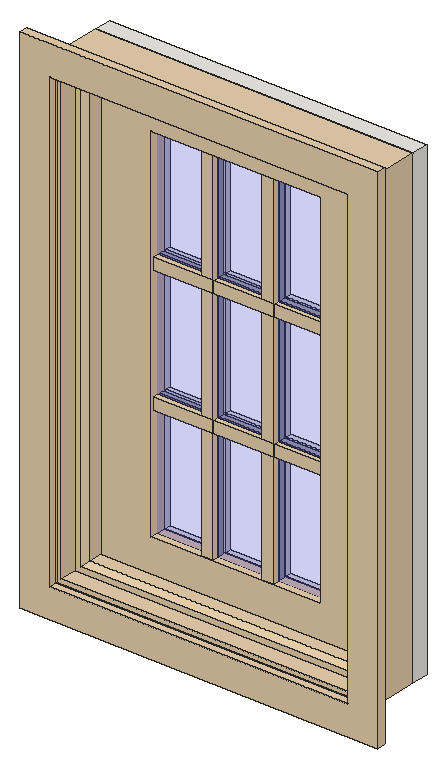
Revit family "Window-Door_Transom-Andersen-400_Series-Single 2", category Windows, host Wall, Revit 2013
Parameters
  Visual Light Transmittance = 0.22  # constant formula
  Thermal Resistance (R) = 0.58703  # 3.3333 (h·ft²·°F)/BTU
  TFL = if(Fractional Lights High > 5, 3, if(or(Fractional Lights High = 4, Fractional Lights High = 5), 2, if(or(Fractional Lights High = 2, Fractional Lights High = 3), 1, 1)))  # 1
  TFB = TFL - 1  # 0
  Solar Heat Gain Coefficient = 0.15  # constant formula
  Sill MO Offset = if(Enter Exterior Trim Number > 0, 0' 1 15/16" + Masonry Opening Offset, 0' 0 1/4")  # 0' - 0 1/4"
  Learn About These Parameters = "http://www.andersenwindows.com/for-professionals/cad-symbols-bim-support-window-doors/bim-support"
  LWide = if(Enter Pattern Number = 3, 3, if(or(Enter Pattern Number = 1, Enter Pattern Number = 2), . . Lights Wide, Fractional Lights Wide))  # 3
  Interior Material = Wood - Andersen - Pine
  Interior Grille Bar = yes
  Heat Transfer Coefficient (U) = 1.7035  # 0.3000 BTU/(h·ft²·°F)
  Head MO Offset = if(Enter Exterior Trim Number > 0, casing4 + Masonry Opening Offset, 0' 0 1/4")  # 0' - 0 1/4"
  Glazing Material = Glass ‐ Andersen - Low-E4 SmartSun
  Fractional Lights Wide = 3
  Fractional Lights High = 3
  Exterior Unit Finish = Vinyl - Andersen - White
  Exterior Grille Bar = yes
  Analytic Construction = "<None>"
  Available Grille Bar Sizes = "3/4'', 7/8'', 1 1/8'', 2 1/4''"  # constant formula
  Between Glass Grille Bar Sizes = "3/4'', 1''"  # constant formula
  Interior Casing = yes
  Grille Bar Size = 0' - 0 7/8"
  Enter Pattern Number = 1
  ..Pattern Number 1 = "Colonial"  # constant formula
  ..Pattern Number 2 = "Modified Colonial"  # constant formula
  . . Lights Wide = 3
  . . Lights High = 3
  ..Pattern Number 3 = "Prairie"  # constant formula
  ..Pattern Number 4 = "Short Fractional"  # constant formula
  ..Pattern Number 5 = "Tall Fractional"  # constant formula
  Extension Jamb = yes
  Enter Exterior Trim Number = 0
  ..Exterior Trim Number 0 = "No Exterior Trim"  # constant formula
  ..Exterior Trim Number 1 = "Brick Mould"  # constant formula
  ..Exterior Trim Number 2 = "3 1/2'' Flat Casing"  # constant formula
  ..Exterior Trim Number 3 = "4 1/2'' Flat Casing"  # constant formula
  Between Glass Grille Bar = yes
  xjamb Visibility [instance] = and(Extension Jamb, and(Wall Depth > 0' 4 1/2", Extension Jamb))  # yes
  xjamb S1 [instance] = if(Wall Depth > 0' 1 7/8", Wall Depth - 0' 4 1/2", 0' 3")  # 0' - 0 1/16"
  sill nose1 = 0' - 1 13/16"  # constant formula
  sill nose 2 = 0' - 1 15/16"  # constant formula
  casingS2 = if(Enter Exterior Trim Number = 1, 0' 0 3/16", 0' 0 3/16")  # 0' - 0 3/16"
  casingS1 = if(Enter Exterior Trim Number = 1, 0' 0 7/16", 0' 0 3/16")  # 0' - 0 3/16"
  casing4 = if(Enter Exterior Trim Number = 1, 0' 1 3/4", if(Enter Exterior Trim Number = 2, 0' 3 1/4", 0' 4 1/4"))  # 0' - 4 1/4"
  casing3 = 0' - 0 1/2"  # constant formula
  casing2 = 0' - 0 7/8"  # constant formula
  casing1 = 0' - 0 1/4"  # constant formula
  Wall Thickness [instance] = 0' - 6"
  Wall Depth [instance] = 0' - 4 9/16"
  Void Offset 2 = if(Enter Exterior Trim Number > 0, 0' 1 15/16", 0' 0")  # 0' - 0"
  Void Offset 1 = if(Enter Exterior Trim Number > 0, casing4, 0' 0")  # 0' - 0"
  Void Depth [instance] = if(Wall Thickness > Wall Depth, 0' 1" + Wall Thickness - Wall Depth, 0' 1")  # 0' - 2 7/16"
  VGB DLO = if(Enter Pattern Number = 3, 0' 4", (H DLO - (Grille Bar Size * (V Bars))) / if(LWide > 2, LWide, 3))  # 0' - 3.70833"
  V Bars = if(Enter Pattern Number = 3, 2, if(LWide > 2, LWide - 1, 2))  # 2
  URL = "www.andersenwindows.com"
  Type Comments = "Vinyl-clad transom window"
  TS V Bar Length = if(or(Enter Pattern Number = 5, Enter Pattern Number = 2), ((((Height - HGO - SGO - (Grille Bar Size * (Fractional Lights High - 1))) / Fractional Lights High)) * TFL) + (TFB * Grille Bar Size), if(Enter Pattern Number = 4, ((Height - HGO - SGO - (Grille Bar Size * (Fractional Lights High - 1))) / Fractional Lights High), Height - HGO - SGO))  # 2' - 3 5/8"
  TS SH DLO = if(or(Enter Pattern Number = 5, Enter Pattern Number = 2), ((((Height - HGO - SGO - (Grille Bar Size * (Fractional Lights High - 1))) / Fractional Lights High)) * TFL) + (TFB * Grille Bar Size) + HGO + (Grille Bar Size / 2), if(Enter Pattern Number = 4, TS V Bar Length + HGO + (Grille Bar Size / 2), (TS V Bar Length / 2) + HGO))  # 1' - 6"
  TS S V = LWide = 2  # no
  TS S H Craftsman = and(Enter Pattern Number = 2, or(Fractional Lights High = 4, Fractional Lights High = 5))  # no
  TS S H = or(or(or(and(. . Lights High = 2, Enter Pattern Number = 1), and(Enter Pattern Number = 4, Fractional Lights High > 1)), and(Enter Pattern Number = 5, Fractional Lights High > 1)), and(Enter Pattern Number = 2, Fractional Lights High > 1))  # no
  TS M V = or(or(or(or(or(and(LWide > 2, Enter Pattern Number = 1), and(LWide > 2, Enter Pattern Number = 2)), Enter Pattern Number = 3), Enter Pattern Number = 4), Enter Pattern Number = 5), and(LWide > 2, Enter Pattern Number = 6))  # yes
  TS M H = or(or(Enter Pattern Number = 3, and(. . Lights High > 2, Enter Pattern Number = 1)), and(Enter Pattern Number = 2, Fractional Lights High > 5))  # yes
  TS HGB DLO = if(Enter Pattern Number = 1, if(. . Lights High > 2, ((TS V Bar Length - (Grille Bar Size * (. . Lights High - 1))) / . . Lights High), 0' 4"), if(Enter Pattern Number = 3, 0' 4", if(Fractional Lights High > 2, ((TS V Bar Length - (Grille Bar Size * 2)) / 3), 0' 4")))  # 0' - 8 5/8"
  TS H Bars = if(Enter Pattern Number = 3, 2, if(Enter Pattern Number = 1, if(. . Lights High > 2, . . Lights High - 1, 2), 2))  # 2
  SGO = 0' - 4 3/16"  # constant formula
  Rough Width = Width + (Rough Opening Offset * 2)  # 2' - 0 1/2"
  Rough Opening Offset = 0' - 0 1/4"
  Rough Height = Height + (Rough Opening Offset * 2)  # 3' - 0 1/2"
  Product Documentation Link = "http://www.andersenwindows.com/products/400-series-frenchwood-hinged-patio-door/"
  Plan Exterior Mask Visibility [instance] = Plan Exterior Mask 2 > 0' 0 1/32"  # yes
  Plan Exterior Mask 2 [instance] = if(Enter Exterior Trim Number > 0, if(Wall Depth + 0' 1 1/16" + casingS1 > Wall Thickness, 0' 0 1/32", Wall Thickness - Wall Depth - 0' 1 1/16" - casingS1), if(Wall Depth + 0' 1 1/16" > Wall Thickness, 0' 0 1/32", Wall Thickness - Wall Depth - 0' 0 1/16"))  # 0' - 1 3/8"
  Plan Exterior Mask [instance] = if(Enter Exterior Trim Number > 0, 0' 1 1/16" + casingS1, 0' 1 1/16")  # 0' - 1 1/16"
  Nail Fin Visibility = Enter Exterior Trim Number = 0  # yes
  Model = "400-Series Door Transom"  # constant formula
  Masonry Width = if(Enter Exterior Trim Number > 0, Width + ((casing4 + Masonry Opening Offset) * 2), Width + (Masonry Opening Offset * 2))  # 2' - 0 1/2"
  Masonry Opening Offset = 0' - 0 1/4"
  Masonry Height = if(Enter Exterior Trim Number > 0, Height + (casing4 + Masonry Opening Offset) + (sill nose 2 + Masonry Opening Offset), Height + (Masonry Opening Offset * 2))  # 3' - 0 1/2"
  Manufacturer = "Andersen Corporation"  # constant formula
  JGO = 0' - 5 9/16"  # constant formula
  Interior Casing Size = 0' - 2 1/4"
  Height = 3' - 0"
  HGO = 0' - 4 3/16"  # constant formula
  H DLO = Width - (JGO * 2)  # 1' - 0 7/8"
  Family Version = "03.01.15"  # constant formula
  Exterior Trim Finish = Fibrex Composite - Andersen - White
  Designation = "FWT"
  Description = "Vinyl-clad transom window"  # constant formula
  Default Sill Height = 6' 10 1/2" - Rough Height  # 3' - 10"
  Wall Closure = By host
  Width = 2' - 0"
  Coarse Plan [instance] = if(Wall Depth < Wall Thickness, Wall Depth, Wall Thickness)  # 0' - 4 9/16"
  Casing Visibility = Enter Exterior Trim Number > 0  # no
  Between Glass Grille Bar Finish = Stainless Steel - Andersen - Standard
  Bar Center Line = if(Enter Pattern Number = 6, 1, 2)  # 2
  Assembly Code = "B2020100"
Reference planes (in)
  plane 1 "Center (Front/Back)": y = 0
  plane 2: z = 0
  plane 3 "Center (Left/Right)": x = 0
  plane 4 "R Frame": x = -12
  plane 5 "L Frame": x = 12
  plane 6 "B Frame": z = 46.5
  plane 7 "T Frame": z = 82.5
  plane 8 "L Glazing": x = 6.4375
  plane 9 "L Ext Frame1": x = 9.88286
  plane 10 "L Int Frame1": x = 10.285
  plane 11 "L Xjamb 1": x = 11.3125
  plane 12 "L Casing 1": x = 11.75
  plane 13 "L Xjamb 2": x = 11.9375
  plane 14 "L Rough Opening": x = 12.25
  plane 15 "L Casing 2": x = 15.375
  plane 16 "L Casing 3": x = 15.75
  plane 17 "L Casing 4": x = 16.25
  plane 18 "R Glazing": x = -6.4375
  plane 19 "R Ext Frame1": x = -9.88286
  plane 20 "R Int Frame1": x = -10.285
  plane 21 "R Xjamb 1": x = -11.3125
  plane 22 "R Casing 1": x = -11.75
  plane 23 "R Xjamb 2": x = -11.9375
  plane 24 "R Rough Opening": x = -12.25
  plane 25 "R Casing 2": x = -15.375
  plane 26 "R Casing 3": x = -15.75
  plane 27 "R Casing 4": x = -16.25
  plane 28 "R Int Casing": x = -13.5625
  plane 29 "T Glazing": z = 78.3125
  plane 30 "T Ext Frame2": z = 81.79168
  plane 31 "T Int Frame2": z = 81.484
  plane 32 "T Xjamb 1": z = 81.8125
  plane 33 "T Casing 1": z = 82.25
  plane 34 "T Xjamb 2": z = 82.4375
  plane 35 "T Rough Opening": z = 82.75
  plane 36 "T Casing 2": z = 85.875
  plane 37 "T Casing 3": z = 86.25
  plane 38 "T Casing 4": z = 86.75
  plane 39 "T Int Casing": z = 84.0625
  plane 40 "B Glazing": z = 50.6875
  plane 41 "B Ext Frame2": z = 47.20832
  plane 42 "B Int Frame2": z = 47.516
  plane 43 "B Xjamb 2": z = 46.5625
  plane 44 "B Casing 1": z = 46.3125
  plane 45 "B Casing 2": z = 44.5625
  plane 46 "B Int Casing": z = 44.9375
  plane 47 "L Int Casing": x = 13.5625
  plane 48 "Casing S1": y = 3.125
  plane 49 "Casing S2": y = 3.125
  plane 50 "Frame S1": y = 2.9375
  plane 51 "Flange": y = 1.5625
  plane 52 "Glass1 S1": y = 1.21219
  plane 53 "Glass1 S2": y = 1.08719
  plane 54 "Glass1 S3": y = 0.58719
  plane 55 "Glass1 S4": y = 0.46219
  plane 56 "Sash1 S2": y = -0.0945
  plane 57 "Frame2 S2.1": y = -1.6255
  plane 58 "Frame S2": y = -2.9375
  plane 59 "B Xjamb 1": z = 47.1875
  plane 60 "Exterior Offset": y = 4
  plane 61 "Interior Casing": y = -3.625
  plane 62 "Vertical Bar Length": z = 50.6875
  plane 63 "B Rough Opening": z = 46.25
  plane 64 "R Masonry Opening": x = -12.25
  plane 65 "L Masonry Opening": x = 12.25
  plane 66 "T Masonry Opening": z = 82.75
  plane 67 "B Masonry Opening": z = 46.25
  plane 68 "Xjamb S1": y = -2.9375
  plane 69 "Sash1 S1": y = 1.6245
  plane 70 "Frame S1.1": y = 1.9825
  plane 71 "R Int Frame2": x = -10.984
  plane 72 "R Ext Frame2": x = -11.29119
  plane 73 "L Int Frame2": x = 10.984
  plane 74 "L Ext Frame2": x = 11.29119
  plane 75 "T Ext Frame1": z = 80.38086
  plane 76 "T Int Frame1": z = 80.785
  plane 77 "B Int Frame1": z = 48.215
  plane 78 "B Ext Frame1": z = 48.61914
Forms (in)
  Extrusion 1, void
    sketch origin (0, 0, 0) x (1, 0, 0) y (0, 0, 1)
      loop
        line (12, 82.5) -> (-12, 82.5) -> (-12, 46.5) -> (12, 46.5) -> (12, 82.5)
    from -1.5625 to 3
  Extrusion 2, void
    sketch origin (0, 0, 0) x (1, 0, 0) y (0, 0, 1)
      loop
        line (12, 82.5) -> (-12, 82.5) -> (-12, 46.5) -> (12, 46.5) -> (12, 82.5)
    from -15 to -1.5625
  Extrusion 3, solid, material "Wood - Andersen - Pine" <- "Interior Material", visible <- "xjamb Visibility", detail levels medium+fine
    sketch origin (0, -2.5625, 0) x (-1, 0, 0) y (0, 0, 1)
      loop
        line (11.9375, 82.4375) -> (-11.9375, 82.4375) -> (-11.9375, 46.5625) -> (11.9375, 46.5625) -> (11.9375, 82.4375)
      loop
        line (11.3125, 81.8125) -> (-11.3125, 81.8125) -> (-11.3125, 47.1875) -> (11.3125, 47.1875) -> (11.3125, 81.8125)
    from -0.375 to -0.4375
  Extrusion 4, solid, material "Wood - Andersen - Pine" <- "Interior Material", visible <- "Interior Casing", detail levels fine
    sketch origin (0, -3.625, 0) x (-1, 0, 0) y (0, 0, 1)
      loop
        line (13.5625, 84.0625) -> (-13.5625, 84.0625) -> (-13.5625, 44.9375) -> (13.5625, 44.9375) -> (13.5625, 84.0625)
      loop
        line (11.3125, 81.8125) -> (-11.3125, 81.8125) -> (-11.3125, 47.1875) -> (11.3125, 47.1875) -> (11.3125, 81.8125)
    from 0 to 0.625
  Extrusion 5, solid, material "Fibrex Composite - Andersen - White" <- "Exterior Trim Finish", visible <- "Casing Visibility", detail levels medium+fine
    sketch origin (0, 0, 0) x (0, 1, 0) y (0, 0, 1)
      loop
        line (2.9375, 46.38964) -> (2.9375, 46.5) -> (1.5625, 46.5) -> (1.5625, 44.5625) -> (3.375, 44.5625) -> (3.375, 46.3125) -> (2.9375, 46.38964)
    from -16.25 to 16.25
  Sweep 6, solid, material "Fibrex Composite - Andersen - White" <- "Exterior Trim Finish", visible <- "Casing Visibility", detail levels medium+fine
    path origin (0, 1.5625, 0) x (-1, 0, 0) y (0, 0, 1)
      loop
        line (-16.25, 44.5625) -> (-16.25, 86.75) -> (16.25, 86.75) -> (16.25, 44.5625)
    profile origin (16.25, 1.5625, 65.65625) x (1, 0, 0) y (0, 1, 0)
      loop
        line (-0.875, 1.5625) -> (-4.5, 1.5625) -> (-4.5, 0) -> (0, 0) -> (0, 1.5625) -> (-0.5, 1.5625) -> (-0.875, 1.5625)
  Extrusion 7, solid, material "Fibrex Composite - Andersen - White" <- "Exterior Trim Finish", visible <- "Casing Visibility", detail levels coarse
    sketch origin (0, 1.5625, 0) x (-1, 0, 0) y (0, 0, 1)
      loop
        line (-16.25, 86.75) -> (-16.25, 44.5625) -> (16.25, 44.5625) -> (16.25, 86.75) -> (-16.25, 86.75)
      loop
        line (-11.75, 82.25) -> (-11.75, 46.5) -> (11.75, 46.5) -> (11.75, 82.25) -> (-11.75, 82.25)
    from 0 to 1.5625
  Extrusion 8, solid, material "Wood - Andersen - Pine" <- "Interior Material"
    sketch origin (0, -0.0945, 0) x (-1, 0, 0) y (0, 0, 1)
      loop
        line (10.984, 81.484) -> (-10.984, 81.484) -> (-10.984, 47.516) -> (10.984, 47.516) -> (10.984, 81.484)
      loop
        line (6.4375, 78.3125) -> (-6.4375, 78.3125) -> (-6.4375, 50.6875) -> (6.4375, 50.6875) -> (6.4375, 78.3125)
    from 0 to 1.30669
  Extrusion 9, solid, material "Vinyl - Andersen - White" <- "Exterior Unit Finish"
    sketch origin (0, 45.99825, 0) x (-1, 0, 0) y (0, 0, 1)
      loop
        line (-6.4375, 78.3125) -> (-6.4375, 50.6875) -> (6.4375, 50.6875) -> (6.4375, 78.3125) -> (-6.4375, 78.3125)
      loop
        line (10.984, 47.516) -> (10.984, 81.484) -> (-10.984, 81.484) -> (-10.984, 47.516) -> (10.984, 47.516)
    from -44.37375 to -44.78605
  Extrusion 10, solid, material "Glass ‐ Andersen - Low-E4 SmartSun" <- "Glazing Material"
    sketch origin (0, 0.46219, 0) x (-1, 0, 0) y (0, 0, 1)
      loop
        line (-6.4375, 78.3125) -> (-6.4375, 50.6875) -> (6.4375, 50.6875) -> (6.4375, 78.3125) -> (-6.4375, 78.3125)
    from 0 to 0.75
  Extrusion 11, solid, material "Vinyl - Andersen - White" <- "Exterior Unit Finish", detail levels coarse
    sketch origin (0, 1.5625, 0) x (-1, 0, 0) y (0, 0, 1)
      loop
        line (-12, 46.5) -> (12, 46.5) -> (12, 82.5) -> (-12, 82.5) -> (-12, 46.5)
      loop
        line (-9.88286, 48.61914) -> (9.88286, 48.61914) -> (9.88286, 80.38086) -> (-9.88286, 80.38086) -> (-9.88286, 48.61914)
    from -0.35031 to 1.375
  Extrusion 12, solid, material "Wood - Andersen - Pine" <- "Interior Material"
    sketch origin (0, 1.5625, 0) x (-1, 0, 0) y (0, 0, 1)
      loop
        line (-10.984, 81.484) -> (-10.984, 47.516) -> (10.984, 47.516) -> (10.984, 81.484) -> (-10.984, 81.484)
      loop
        line (-12, 82.5) -> (-12, 46.5) -> (12, 46.5) -> (12, 82.5) -> (-12, 82.5)
    from -4.5 to 0.062
  Sweep 13, solid, material "Vinyl - Andersen - White" <- "Exterior Unit Finish", detail levels medium+fine
    path origin (0, 1.5625, 0) x (-1, 0, 0) y (0, 0, 1)
      loop
        line (-12, 82.5) -> (-12, 46.5) -> (12, 46.5) -> (12, 82.5) -> (-12, 82.5)
    profile origin (12, 1.5625, 64.5) x (1, 0, 0) y (0, 1, 0)
      loop
        line (-2.11714, 0.062) -> (0, 0.062) -> (0, 1.375) -> (-0.70881, 1.375) -> (-0.94643, 0.42) -> (-1.91565, 0.42) -> (-2.11714, 0.062)
  Sweep 14, solid, material "Wood - Andersen - Pine" <- "Interior Material", detail levels medium+fine
    path origin (0, 1.5625, 0) x (-1, 0, 0) y (0, 0, 1)
      loop
        line (12, 82.5) -> (-12, 82.5) -> (-12, 46.5) -> (12, 46.5) -> (12, 82.5)
    profile origin (12, 1.5625, 64.5) x (0, 1, 0) y (-1, 0, 0)
      loop
        line (-1.657, 1.016) -> (-1.657, 1.715) -> (-2.676, 1.715) -> (-3.188, 1.416) -> (-3.188, 1.016) -> (-1.657, 1.016)
Cuts and joins
  joined: Extrusion 5, Sweep 6
Lines and regions (in)
  Masking region 1, detail levels medium+fine
    outline origin (0, 0, 46.5) x (0, -1, 0) y (1, 0, 0)
      loop
        line (-2.9375, -12) -> (2.9375, -12) -> (2.9375, 12) -> (-2.9375, 12) -> (-2.9375, -12)
  Masking region 2, visible <- "Casing Visibility", detail levels medium+fine
    outline origin (0, 0, 46.5) x (0, -1, 0) y (1, 0, 0)
      loop
        line (-2.9375, -12) -> (-2.9375, 12) -> (-1.5625, 12) -> (-1.5625, 16.25) -> (-3.125, 16.25) -> (-3.125, -16.25) -> (-1.5625, -16.25) -> (-1.5625, -12) -> (-2.9375, -12)
  Masking region 3, visible <- "Nail Fin Visibility", detail levels coarse
    outline origin (0, 0, 46.5) x (0, -1, 0) y (1, 0, 0)
      loop
        line (-4, -12) -> (3, -12) -> (3, 12) -> (-4, 12) -> (-4, -12)
  Masking region 4
    outline origin (0, 0, 0) x (0, 1, 0) y (0, 0, 1)
      loop
        line (2.9375, 82.5) -> (-2.9375, 82.5) -> (-2.9375, 46.5) -> (2.9375, 46.5) -> (2.9375, 82.5)
  Masking region 5, visible <- "Casing Visibility"
    outline origin (0, 0, 0) x (0, 1, 0) y (0, 0, 1)
      loop
        line (2.9375, 46.38964) -> (2.9375, 46.5) -> (1.5625, 46.5) -> (1.5625, 44.5625) -> (3.375, 44.5625) -> (3.375, 46.3125) -> (2.9375, 46.38964)
  Masking region 6, visible <- "Casing Visibility"
    outline origin (0, 0, 0) x (0, 1, 0) y (0, 0, 1)
      loop
        line (2.9375, 82.5) -> (2.9375, 46.38964) -> (3.125, 46.35658) -> (3.125, 86.75) -> (1.5625, 86.75) -> (1.5625, 82.5) -> (2.9375, 82.5)
  Masking region 7, visible <- "Casing Visibility"
    outline origin (0, 2.9375, 0) x (-1, 0, 0) y (0, 0, 1)
      loop
        line (-16.25, 86.75) -> (-16.25, 44.5625) -> (16.25, 44.5625) -> (16.25, 86.75) -> (-16.25, 86.75)
  Masking region 8
    outline origin (0, 2.9375, 0) x (-1, 0, 0) y (0, 0, 1)
      loop
        line (-12, 82.5) -> (-12, 46.5) -> (12, 46.5) -> (12, 82.5) -> (-12, 82.5)
  Masking region 9
    outline origin (0, -2.9375, 0) x (-1, 0, 0) y (0, 0, 1)
      loop
        line (12, 82.5) -> (-12, 82.5) -> (-12, 46.5) -> (12, 46.5) -> (12, 82.5)
  Masking region 10, visible <- "Interior Casing", detail levels fine
    outline origin (0, -3.625, 0) x (-1, 0, 0) y (0, 0, 1)
      loop
        line (13.5625, 84.0625) -> (-13.5625, 84.0625) -> (-13.5625, 44.9375) -> (13.5625, 44.9375) -> (13.5625, 84.0625)
      loop
        line (11.3125, 81.8125) -> (-11.3125, 81.8125) -> (-11.3125, 47.1875) -> (11.3125, 47.1875) -> (11.3125, 81.8125)
  Masking region 11, visible <- "Casing Visibility", detail levels coarse
    outline origin (0, 0, 46.5) x (0, -1, 0) y (1, 0, 0)
      loop
        line (-4, -16.25) -> (-1.5625, -16.25) -> (-1.5625, -12) -> (3, -12) -> (3, 12) -> (-1.5625, 12) -> (-1.5625, 16.25) -> (-4, 16.25) -> (-4, -16.25)
  Masking region 12, visible <- "xjamb Visibility", detail levels medium+fine
    outline origin (0, 0, 46.5) x (0, -1, 0) y (1, 0, 0)
      loop
        line (2.9375, -11.9375) -> (3, -11.9375) -> (3, 11.9375) -> (2.9375, 11.9375) -> (2.9375, -11.9375)
  Masking region 13, visible <- "Interior Casing", detail levels fine
    outline origin (0, 0, 46.5) x (0, -1, 0) y (1, 0, 0)
      loop
        line (3, -13.5625) -> (3.625, -13.5625) -> (3.625, 13.5625) -> (3, 13.5625) -> (3, -13.5625)
  Masking region 14, visible <- "xjamb Visibility", detail levels medium+fine
    outline origin (0, 0, 0) x (0, 1, 0) y (0, 0, 1)
      loop
        line (-2.9375, 82.4375) -> (-3, 82.4375) -> (-3, 46.5625) -> (-2.9375, 46.5625) -> (-2.9375, 82.4375)
  Masking region 15, visible <- "Interior Casing", detail levels fine
    outline origin (0, 0, 0) x (0, 1, 0) y (0, 0, 1)
      loop
        line (-3, 84.0625) -> (-3.625, 84.0625) -> (-3.625, 44.9375) -> (-3, 44.9375) -> (-3, 84.0625)
  symbolic lines, style "WindowsFrameMullionProjection", visible <- "Casing Visibility", detail levels fine
    curve 1: line (15.75, 3.125, 46.5) -> (15.375, 3.125, 46.5)
    curve 2: line (15.375, 3.125, 46.5) -> (11.75, 3.125, 46.5)
    curve 3: line (11.75, 3.125, 46.5) -> (11.75, 2.9375, 46.5)
    curve 4: line (-15.75, 3.125, 46.5) -> (-15.375, 3.125, 46.5)
    curve 5: line (-15.375, 3.125, 46.5) -> (-11.75, 3.125, 46.5)
    curve 6: line (-11.75, 3.125, 46.5) -> (-11.75, 2.9375, 46.5)
  symbolic lines, style "WindowsGlassProjection", detail levels medium+fine
    curve 7: line (-6.4375, 1.21219, 46.5) -> (6.4375, 1.21219, 46.5)
    curve 10: line (-6.4375, 0.46219, 46.5) -> (6.4375, 0.46219, 46.5)
  symbolic lines, style "WindowsGlassProjection", detail levels fine
    curve 8: line (-6.4375, 1.08719, 46.5) -> (6.4375, 1.08719, 46.5)
    curve 9: line (-6.4375, 0.58719, 46.5) -> (6.4375, 0.58719, 46.5)
    curve 27: line (0, 1.08719, 78.3125) -> (0, 1.08719, 50.6875)
    curve 28: line (0, 0.58719, 78.3125) -> (0, 0.58719, 50.6875)
    curve 47: line (-7.3125, 1.08719, 46.25) -> (-6.452, 1.08719, 46.25)
    curve 48: line (-7.3125, 0.58719, 46.25) -> (-6.452, 0.58719, 46.25)
    curve 49: line (-6.5625, 1.08719, 46.25) -> (-6.5625, 0.58719, 46.25)
    curve 50: line (0, 1.08719, 79.1875) -> (0, 1.08719, 78.3125)
    curve 51: line (0, 0.58719, 79.1875) -> (0, 0.58719, 78.3125)
    curve 52: line (0, 1.08719, 78.4375) -> (0, 0.58719, 78.4375)
    curve 70: line (7.3125, 1.08719, 46.25) -> (6.452, 1.08719, 46.25)
    curve 71: line (7.3125, 0.58719, 46.25) -> (6.452, 0.58719, 46.25)
    curve 72: line (6.5625, 1.08719, 46.25) -> (6.5625, 0.58719, 46.25)
    curve 154: line (0, 1.08719, 49.8125) -> (0, 1.08719, 50.6875)
    curve 155: line (0, 0.58719, 49.8125) -> (0, 0.58719, 50.6875)
    curve 156: line (0, 1.08719, 50.5625) -> (0, 0.58719, 50.5625)
  symbolic lines, style "WindowsFrameMullionProjection", detail levels medium
    curve 11: line (-10.285, 1.6245, 46.5) -> (-6.4375, 1.6245, 46.5)
    curve 12: line (-6.4375, 1.6245, 46.5) -> (-6.4375, -0.0945, 46.5)
    curve 13: line (-6.4375, -0.0945, 46.5) -> (-10.285, -0.0945, 46.5)
    curve 14: line (-10.285, 2.9375, 46.5) -> (-10.285, -2.9375, 46.5)
    curve 15: line (10.285, 1.6245, 46.5) -> (6.4375, 1.6245, 46.5)
    curve 16: line (6.4375, 1.6245, 46.5) -> (6.4375, -0.0945, 46.5)
    curve 17: line (6.4375, -0.0945, 46.5) -> (10.285, -0.0945, 46.5)
    curve 18: line (10.285, 2.9375, 46.5) -> (10.285, -2.9375, 46.5)
  symbolic lines, style "WindowsFrameMullionProjection", detail levels coarse
    curve 19: line (-10.285, -3, 46.5) -> (-10.285, 4, 46.5)
    curve 20: line (10.285, -3, 46.5) -> (10.285, 4, 46.5)
  symbolic lines, style "WindowsGlassProjection", detail levels coarse
    curve 21: line (-10.285, 0, 46.5) -> (10.285, 0, 46.5)
    curve 22: line (-10.285, 1, 46.5) -> (10.285, 1, 46.5)
  symbolic lines, style "WindowsFrameMullionProjection", visible <- "Casing Visibility"
    curve 23: line (0, 3.125, 86.25) -> (0, 3.125, 85.875)
    curve 24: line (0, 3.125, 85.875) -> (0, 3.125, 82.25)
    curve 25: line (0, 3.125, 82.25) -> (0, 2.9375, 82.25)
  symbolic lines, style "WindowsGlassProjection"
    curve 26: line (0, 1.21219, 78.3125) -> (0, 1.21219, 50.6875)
    curve 29: line (0, 0.46219, 78.3125) -> (0, 0.46219, 50.6875)
  symbolic lines, style "WindowsFrameMullionProjection", detail levels medium+fine
    curve 30: line (9.88286, 2.9375, 80.38086) -> (-9.88286, 2.9375, 80.38086)
    curve 31: line (9.88286, 2.9375, 48.61914) -> (9.88286, 2.9375, 80.38086)
    curve 32: line (-9.88286, 2.9375, 48.61914) -> (9.88286, 2.9375, 48.61914)
    curve 33: line (-9.88286, 2.9375, 80.38086) -> (-9.88286, 2.9375, 48.61914)
    curve 38: line (-10.285, -2.9375, 81.484) -> (10.285, -2.9375, 81.484)
    curve 39: line (-10.285, -2.9375, 47.516) -> (-10.285, -2.9375, 81.484)
    curve 40: line (10.285, -2.9375, 47.516) -> (-10.285, -2.9375, 47.516)
    curve 41: line (10.285, -2.9375, 81.484) -> (10.285, -2.9375, 47.516)
  symbolic lines, style "WindowsFrameMullionProjection"
    curve 34: line (6.4375, 0, 78.3125) -> (-6.4375, 0, 78.3125)
    curve 35: line (6.4375, 0, 50.6875) -> (6.4375, 0, 78.3125)
    curve 36: line (-6.4375, 0, 50.6875) -> (6.4375, 0, 50.6875)
    curve 37: line (-6.4375, 0, 78.3125) -> (-6.4375, 0, 50.6875)
    curve 121: line (0, 2.9375, 81.79168) -> (0, 1.9825, 81.55357)
    curve 122: line (0, 1.9825, 80.58435) -> (0, 1.6245, 80.38086)
    curve 123: line (0, 1.30351, 78.3125) -> (0, 1.21219, 78.3125)
    curve 124: line (0, 0.46219, 78.3125) -> (0, 0.39969, 78.3125)
    curve 125: line (0, 0.39969, 78.3125) -> (0, -0.0945, 78.5643)
    curve 126: line (0, -0.0945, 80.785) -> (0, -1.1135, 80.785)
    curve 127: line (0, -1.1135, 80.785) -> (0, -1.6255, 81.084)
    curve 135: line (0, 1.9825, 81.55357) -> (0, 1.9825, 80.58435)
    curve 136: line (0, 1.6245, 80.38086) -> (0, 1.6245, 78.44367)
    curve 137: line (0, 1.21219, 79.1875) -> (0, 1.21219, 78.3125)
    curve 138: line (0, 0.46219, 79.1875) -> (0, 0.46219, 78.3125)
    curve 139: line (0, -0.0945, 80.785) -> (0, -0.0945, 78.5643)
    curve 140: line (0, -1.6255, 81.484) -> (0, -1.6255, 81.084)
    curve 141: line (0, -1.6255, 81.484) -> (0, -2.9375, 81.484)
    curve 142: line (0, 1.6245, 78.44367) -> (0, 1.30351, 78.3125)
    curve 143: line (0, 1.21219, 79.1875) -> (0, -0.0945, 79.1875)
    curve 157: line (0, 2.9375, 47.20832) -> (0, 1.9825, 47.44643)
    curve 158: line (0, 1.9825, 48.41565) -> (0, 1.6245, 48.61914)
    curve 159: line (0, 1.30351, 50.6875) -> (0, 1.21219, 50.6875)
    curve 160: line (0, 0.46219, 50.6875) -> (0, 0.39969, 50.6875)
    curve 161: line (0, 0.39969, 50.6875) -> (0, -0.0945, 50.4357)
    curve 162: line (0, -0.0945, 48.215) -> (0, -1.1135, 48.215)
    curve 163: line (0, -1.1135, 48.215) -> (0, -1.6255, 47.916)
    curve 164: line (0, 1.9825, 47.44643) -> (0, 1.9825, 48.41565)
    curve 165: line (0, 1.6245, 48.61914) -> (0, 1.6245, 50.55633)
    curve 166: line (0, 1.21219, 49.8125) -> (0, 1.21219, 50.6875)
    curve 167: line (0, 0.46219, 49.8125) -> (0, 0.46219, 50.6875)
    curve 168: line (0, -0.0945, 48.215) -> (0, -0.0945, 50.4357)
    curve 169: line (0, -1.6255, 47.516) -> (0, -1.6255, 47.916)
    curve 170: line (0, -1.6255, 47.516) -> (0, -2.9375, 47.516)
    curve 171: line (0, 1.6245, 50.55633) -> (0, 1.30351, 50.6875)
    curve 172: line (0, 1.21219, 49.8125) -> (0, -0.0945, 49.8125)
  symbolic lines, style "WindowsFrameMullionProjection", visible <- "Casing Visibility", detail levels medium
    curve 42: line (-12, 2.9375, 46.5) -> (-12, 3.125, 46.5)
    curve 43: line (12, 3.125, 46.5) -> (12, 2.9375, 46.5)
  symbolic lines, style "WindowsFrameMullionProjection", visible <- "Nail Fin Visibility", detail levels medium+fine
    curve 44: line (-12, 1.5625, 0) -> (-13.5, 1.5625, 0)
    curve 69: line (12, 1.5625, 0) -> (13.5, 1.5625, 0)
  symbolic lines, style "WindowsFrameMullionProjection", visible <- "Nail Fin Visibility"
    curve 45: line (0, 1.5625, 82.5) -> (0, 1.5625, 84)
    curve 153: line (0, 1.5625, 46.5) -> (0, 1.5625, 45)
  symbolic lines, style "WindowsFrameMullionProjection", visible <- "Nail Fin Visibility", not visible
    curve 46: line (0, 69.99411, 71.7698) -> (0, 69.99411, 73.2698)
  symbolic lines, style "WindowsGlassProjection", not visible, detail levels fine
    curve 53: line (0, 69.5188, 68.4573) -> (0, 69.5188, 67.5823)
    curve 54: line (0, 69.0188, 68.4573) -> (0, 69.0188, 67.5823)
    curve 55: line (0, 69.5188, 67.7073) -> (0, 69.0188, 67.7073)
    curve 66: line (-19.69142, 14.83537, 46.25) -> (-18.83092, 14.83537, 46.25)
    curve 67: line (-19.69142, 14.33537, 46.25) -> (-18.83092, 14.33537, 46.25)
    curve 68: line (-18.94142, 14.83537, 46.25) -> (-18.94142, 14.33537, 46.25)
  symbolic lines, style "WindowsFrameMullionProjection", visible <- "xjamb Visibility", detail levels medium+fine
    curve 56: line (-11.3125, -2.9375, 46.5) -> (-11.3125, -3, 46.5)
    curve 58: line (11.3125, -2.9375, 46.5) -> (11.3125, -3, 46.5)
    curve 60: line (0, -2.9375, 81.8125) -> (0, -3, 81.8125)
    curve 62: line (0, -2.9375, 47.1875) -> (0, -3, 47.1875)
  symbolic lines, style "WindowsFrameMullionProjection", visible <- "Interior Casing", detail levels fine
    curve 57: line (-11.3125, -3, 46.5) -> (-11.3125, -3.625, 46.5)
    curve 59: line (11.3125, -3, 46.5) -> (11.3125, -3.625, 46.5)
    curve 61: line (0, -3, 81.8125) -> (0, -3.625, 81.8125)
    curve 63: line (0, -3, 47.1875) -> (0, -3.625, 47.1875)
  symbolic lines, style "InvisibleLines", detail levels coarse
    curve 64: line (-12, -3, 0) -> (12, -3, 0)
  symbolic lines, style "WindowsFrameMullionProjection", visible <- "Nail Fin Visibility", not visible, detail levels medium+fine
    curve 65: line (-24.37892, 15.31068, 0) -> (-25.87892, 15.31068, 0)
  symbolic lines, style "WindowsFrameMullionProjection", detail levels fine
    curve 73: line (-11.29119, 2.9375, 46.25) -> (-11.05357, 1.9825, 46.25)
    curve 74: line (-10.08435, 1.9825, 46.25) -> (-9.88286, 1.6245, 46.25)
    curve 75: line (-6.56719, 1.6245, 46.25) -> (-6.4375, 1.30351, 46.25)
    curve 76: line (-6.4375, 1.30351, 46.25) -> (-6.4375, 1.21219, 46.25)
    curve 77: line (-6.4375, 0.46219, 46.25) -> (-6.4375, 0.40019, 46.25)
    curve 78: line (-6.4375, 0.40019, 46.25) -> (-6.68593, -0.0945, 46.25)
    curve 79: line (-10.285, -0.0945, 46.25) -> (-10.285, -1.1135, 46.25)
    curve 80: line (-10.285, -1.1135, 46.25) -> (-10.584, -1.6255, 46.25)
    curve 81: line (-10.984, -1.6255, 46.25) -> (-10.984, -2.9375, 46.25)
    curve 82: line (-11.05357, 1.9825, 46.25) -> (-10.08435, 1.9825, 46.25)
    curve 83: line (-9.88286, 1.6245, 46.25) -> (-6.56719, 1.6245, 46.25)
    curve 84: line (-7.3125, 1.21219, 46.25) -> (-6.4375, 1.21219, 46.25)
    curve 85: line (-7.3125, 0.46219, 46.25) -> (-6.4375, 0.46219, 46.25)
    curve 86: line (-10.285, -0.0945, 46.25) -> (-6.68593, -0.0945, 46.25)
    curve 87: line (-10.984, -1.6255, 46.25) -> (-10.584, -1.6255, 46.25)
    curve 103: line (11.29119, 2.9375, 46.25) -> (11.05357, 1.9825, 46.25)
    curve 104: line (10.08435, 1.9825, 46.25) -> (9.88286, 1.6245, 46.25)
    curve 105: line (6.56719, 1.6245, 46.25) -> (6.4375, 1.30351, 46.25)
    curve 106: line (6.4375, 1.30351, 46.25) -> (6.4375, 1.21219, 46.25)
    curve 107: line (6.4375, 0.46219, 46.25) -> (6.4375, 0.40019, 46.25)
    curve 108: line (6.4375, 0.40019, 46.25) -> (6.68593, -0.0945, 46.25)
    curve 109: line (10.285, -0.0945, 46.25) -> (10.285, -1.1135, 46.25)
    curve 110: line (10.285, -1.1135, 46.25) -> (10.584, -1.6255, 46.25)
    curve 111: line (10.984, -1.6255, 46.25) -> (10.984, -2.9375, 46.25)
    curve 112: line (11.05357, 1.9825, 46.25) -> (10.08435, 1.9825, 46.25)
    curve 113: line (9.88286, 1.6245, 46.25) -> (6.56719, 1.6245, 46.25)
    curve 114: line (7.3125, 1.21219, 46.25) -> (6.4375, 1.21219, 46.25)
    curve 115: line (7.3125, 0.46219, 46.25) -> (6.4375, 0.46219, 46.25)
    curve 116: line (10.285, -0.0945, 46.25) -> (6.68593, -0.0945, 46.25)
    curve 117: line (10.984, -1.6255, 46.25) -> (10.584, -1.6255, 46.25)
    curve 118: line (-7.3125, 1.21219, 46.25) -> (-7.3125, -0.0945, 46.25)
    curve 120: line (7.3125, 1.21219, 46.25) -> (7.3125, -0.0945, 46.25)
  symbolic lines, style "WindowsFrameMullionProjection", not visible, detail levels fine
    curve 88: line (-23.67011, 16.68568, 46.25) -> (-23.43249, 15.73068, 46.25)
    curve 89: line (-22.46327, 15.73068, 46.25) -> (-22.26178, 15.37268, 46.25)
    curve 90: line (-18.9461, 15.37268, 46.25) -> (-18.81642, 15.05169, 46.25)
    curve 91: line (-18.81642, 15.05169, 46.25) -> (-18.81642, 14.96037, 46.25)
    curve 92: line (-18.81642, 14.21037, 46.25) -> (-18.81642, 14.14837, 46.25)
    curve 93: line (-18.81642, 14.14837, 46.25) -> (-19.06485, 13.65368, 46.25)
    curve 94: line (-22.66392, 13.65368, 46.25) -> (-22.66392, 12.63468, 46.25)
    curve 95: line (-22.66392, 12.63468, 46.25) -> (-22.96292, 12.12268, 46.25)
    curve 96: line (-23.36292, 12.12268, 46.25) -> (-23.36292, 10.81068, 46.25)
    curve 97: line (-23.43249, 15.73068, 46.25) -> (-22.46327, 15.73068, 46.25)
    curve 98: line (-22.26178, 15.37268, 46.25) -> (-18.9461, 15.37268, 46.25)
    curve 99: line (-19.69142, 14.96037, 46.25) -> (-18.81642, 14.96037, 46.25)
    curve 100: line (-19.69142, 14.21037, 46.25) -> (-18.81642, 14.21037, 46.25)
    curve 101: line (-22.66392, 13.65368, 46.25) -> (-19.06485, 13.65368, 46.25)
    curve 102: line (-23.36292, 12.12268, 46.25) -> (-22.96292, 12.12268, 46.25)
    curve 119: line (-19.69142, 14.96037, 46.25) -> (-19.69142, 13.65368, 46.25)
  symbolic lines, style "WindowsFrameMullionProjection", not visible
    curve 128: line (0, 71.36911, 71.06148) -> (0, 70.41411, 70.82337)
    curve 129: line (0, 70.41411, 69.85415) -> (0, 70.05611, 69.65067)
    curve 130: line (0, 69.73512, 67.5823) -> (0, 69.6438, 67.5823)
    curve 131: line (0, 68.8938, 67.5823) -> (0, 68.8313, 67.5823)
    curve 132: line (0, 68.8313, 67.5823) -> (0, 68.33711, 67.83411)
    curve 133: line (0, 68.33711, 70.0548) -> (0, 67.31811, 70.0548)
    curve 134: line (0, 67.31811, 70.0548) -> (0, 66.80611, 70.3538)
    curve 144: line (0, 70.41411, 70.82337) -> (0, 70.41411, 69.85415)
    curve 145: line (0, 70.05611, 69.65067) -> (0, 70.05611, 67.71347)
    curve 146: line (0, 69.6438, 68.4573) -> (0, 69.6438, 67.5823)
    curve 147: line (0, 68.8938, 68.4573) -> (0, 68.8938, 67.5823)
    curve 148: line (0, 68.33711, 70.0548) -> (0, 68.33711, 67.83411)
    curve 149: line (0, 66.80611, 70.7538) -> (0, 66.80611, 70.3538)
    curve 150: line (0, 66.80611, 70.7538) -> (0, 65.49411, 70.7538)
    curve 151: line (0, 70.05611, 67.71347) -> (0, 69.73512, 67.5823)
    curve 152: line (0, 69.6438, 68.4573) -> (0, 68.33711, 68.4573)
Text (in)
  text "EXTERIOR" at (-58.6888, 50.90694, 0), in view "Ref. Level"
  text "INTERIOR" at (-58.6888, -37.76638, 0), in view "Ref. Level"
  text "Exterior" at (0, 43.65631, 123.19604), in view "Left"
  text "Exterior" at (0, 18.29385, 125.04747), in view "Right"
Dimensions and locks (in)
  equal spacing: plane 4 "R Frame", plane 3 "Center (Left/Right)", plane 5 "L Frame"
  "Width": plane 4 "R Frame" to plane 5 "L Frame"
  "Height": plane 6 "B Frame" to plane 7 "T Frame"
  locked: plane 50 "Frame S1" to plane 51 "Flange" at 1.375
  locked: plane 51 "Flange" to plane 52 "Glass1 S1" at 0.35031
  locked: plane 51 "Flange" to plane 53 "Glass1 S2" at 0.47531
  locked: plane 51 "Flange" to plane 54 "Glass1 S3" at 0.97531
  locked: plane 51 "Flange" to plane 55 "Glass1 S4" at 1.10031
  locked: plane 51 "Flange" to plane 56 "Sash1 S2" at 1.657
  locked: plane 51 "Flange" to plane 57 "Frame2 S2.1" at 3.188
  locked: plane 51 "Flange" to plane 58 "Frame S2" at 4.5
  "casingS2": plane 49 "Casing S2" to plane 50 "Frame S1"
  "casingS1": plane 48 "Casing S1" to plane 50 "Frame S1"
  locked: plane 34 "T Xjamb 2" to plane 7 "T Frame" at 0.0625
  "casing1": plane 33 "T Casing 1" to plane 7 "T Frame"
  locked: plane 32 "T Xjamb 1" to plane 7 "T Frame" at 0.6875
  locked: plane 31 "T Int Frame2" to plane 7 "T Frame" at 1.016
  locked: plane 30 "T Ext Frame2" to plane 7 "T Frame" at 0.70832
  "HGO": plane 29 "T Glazing" to plane 7 "T Frame"
  "Rough Opening Offset": plane 7 "T Frame" to plane 35 "T Rough Opening"
  "casing4": plane 7 "T Frame" to plane 38 "T Casing 4"
  locked: plane 6 "B Frame" to plane 43 "B Xjamb 2" at 0.0625
  locked: plane 6 "B Frame" to plane 59 "B Xjamb 1" at 0.6875
  locked: plane 6 "B Frame" to plane 41 "B Ext Frame2" at 0.70832
  locked: plane 6 "B Frame" to plane 42 "B Int Frame2" at 1.016
  "SGO": plane 6 "B Frame" to plane 40 "B Glazing"
  "casing4": plane 5 "L Frame" to plane 17 "L Casing 4"
  "casing4": plane 27 "R Casing 4" to plane 4 "R Frame"
  "casing3": plane 37 "T Casing 3" to plane 38 "T Casing 4"
  "casing2": plane 36 "T Casing 2" to plane 38 "T Casing 4"
  "casing3": plane 27 "R Casing 4" to plane 26 "R Casing 3"
  "casing2": plane 27 "R Casing 4" to plane 25 "R Casing 2"
  "casing1": plane 4 "R Frame" to plane 22 "R Casing 1"
  "casing1": plane 12 "L Casing 1" to plane 5 "L Frame"
  "casing3": plane 16 "L Casing 3" to plane 17 "L Casing 4"
  "casing2": plane 15 "L Casing 2" to plane 17 "L Casing 4"
  locked: plane 60 "Exterior Offset" to host wall at 1
  "Void Offset 1": plane 7 "T Frame" to Extrusion 2 sketch curve
  "Void Offset 1": Extrusion 2 sketch curve to plane 4 "R Frame"
  "Void Offset 1": plane 5 "L Frame" to Extrusion 2 sketch curve
  "Interior Casing Size": plane 28 "R Int Casing" to plane 21 "R Xjamb 1"
  "Interior Casing Size": plane 11 "L Xjamb 1" to plane 47 "L Int Casing"
  "Interior Casing Size": plane 32 "T Xjamb 1" to plane 39 "T Int Casing"
  "Interior Casing Size": plane 46 "B Int Casing" to plane 59 "B Xjamb 1"
  locked: plane 4 "R Frame" to plane 21 "R Xjamb 1" at 0.6875
  locked: plane 4 "R Frame" to plane 20 "R Int Frame1" at 1.715
  locked: plane 4 "R Frame" to plane 19 "R Ext Frame1" at 2.11714
  "JGO": plane 4 "R Frame" to plane 18 "R Glazing"
  locked: plane 10 "L Int Frame1" to plane 5 "L Frame" at 1.715
  locked: plane 9 "L Ext Frame1" to plane 5 "L Frame" at 2.11714
  "JGO": plane 8 "L Glazing" to plane 5 "L Frame"
  locked: plane 11 "L Xjamb 1" to plane 5 "L Frame" at 0.6875
  "Wall Thickness": host wall to host wall
  locked: plane 1 "Center (Front/Back)" to curve 22 at 1
  "sill nose1": Masking region 5 sketch curve to plane 51 "Flange"
  "TS SH DLO": nested 2 to plane 7 "T Frame"
  "VGB DLO": nested 3 to plane 8 "L Glazing"
  group 2 to group 1 = 0' - 4.58333"
  group 1 to group 2 = 0' - 0"  (x2)
  "VGB DLO": plane 18 "R Glazing" to nested 5
  group 3 to group 4 = 0' - 0"  (x2)
  group 3 to group 4 = 0' - 9 1/2"
  "TS HGB DLO": nested 6 to plane 29 "T Glazing"
  "TS HGB DLO": plane 62 "Vertical Bar Length" to nested 4
  "TS V Bar Length": plane 62 "Vertical Bar Length" to plane 29 "T Glazing"
  equal spacing: plane 62 "Vertical Bar Length", nested 7, plane 29 "T Glazing"
  "Rough Opening Offset": plane 63 "B Rough Opening" to plane 6 "B Frame"
  "sill nose1": Extrusion 5 sketch curve to plane 51 "Flange"
  "Void Depth": plane 60 "Exterior Offset" to Extrusion 2
  "Wall Depth": host wall to plane 51 "Flange"
  "Void Depth": plane 60 "Exterior Offset" to Masking region 11 sketch curve  (x2)
  locked: plane 61 "Interior Casing" to host wall at 0.625
  locked: Extrusion 2 to host wall at 12
  "Rough Opening Offset": plane 24 "R Rough Opening" to plane 4 "R Frame"
  "Rough Opening Offset": plane 5 "L Frame" to plane 14 "L Rough Opening"
  locked: plane 13 "L Xjamb 2" to plane 5 "L Frame" at 0.0625
  locked: plane 4 "R Frame" to plane 23 "R Xjamb 2" at 0.0625
  "xjamb S1": host wall to plane 68 "Xjamb S1"
  locked: plane 69 "Sash1 S1" to plane 51 "Flange" at 0.062
  locked: plane 70 "Frame S1.1" to plane 51 "Flange" at 0.42
  locked: plane 4 "R Frame" to plane 71 "R Int Frame2" at 1.016
  locked: plane 4 "R Frame" to plane 72 "R Ext Frame2" at 0.70881
  locked: plane 74 "L Ext Frame2" to plane 5 "L Frame" at 0.70881
  locked: plane 73 "L Int Frame2" to plane 5 "L Frame" at 1.016
  locked: plane 75 "T Ext Frame1" to plane 7 "T Frame" at 2.11914
  locked: plane 2 to plane 7 "T Frame" at 82.5
  equal spacing: plane 64 "R Masonry Opening", plane 3 "Center (Left/Right)", plane 65 "L Masonry Opening"
  "Masonry Width": plane 64 "R Masonry Opening" to plane 65 "L Masonry Opening"
  "Head MO Offset": plane 7 "T Frame" to plane 66 "T Masonry Opening"
  locked: plane 44 "B Casing 1" to plane 6 "B Frame" at 0.1875
  "Sill MO Offset": plane 67 "B Masonry Opening" to plane 6 "B Frame"
  "sill nose 2": plane 45 "B Casing 2" to plane 6 "B Frame"
  "Void Offset 2": Extrusion 2 sketch curve to plane 6 "B Frame"
  locked: plane 6 "B Frame" to plane 77 "B Int Frame1" at 1.715
  locked: plane 6 "B Frame" to plane 78 "B Ext Frame1" at 2.11914
  locked: plane 44 "B Casing 1" to Masking region 5 sketch curve (angle 10.00°)
  locked: plane 44 "B Casing 1" to Masking region 6 sketch curve (angle 10.00°)
  locked: plane 44 "B Casing 1" to Extrusion 5 sketch curve (angle 10.00°)
  aligned and locked: level to plane 2
  aligned and locked: plane 7 "T Frame" to Extrusion 1 sketch curve
  aligned and locked: plane 5 "L Frame" to Extrusion 1 sketch curve
  aligned and locked: Extrusion 1 sketch curve to plane 4 "R Frame"
  aligned and locked: Extrusion 1 sketch curve to plane 6 "B Frame"
  aligned and locked: host wall to Extrusion 1
  aligned and locked: plane 51 "Flange" to Extrusion 1
  aligned and locked: Masking region 1 sketch curve to plane 50 "Frame S1"
  aligned and locked: plane 58 "Frame S2" to Masking region 1 sketch curve
  aligned and locked: Masking region 1 sketch curve to plane 4 "R Frame"
  aligned and locked: plane 5 "L Frame" to Masking region 1 sketch curve
  aligned and locked: plane 51 "Flange" to Masking region 2 sketch curve  (x2)
  aligned and locked: plane 4 "R Frame" to Masking region 2 sketch curve
  aligned and locked: plane 50 "Frame S1" to Masking region 2 sketch curve
  aligned and locked: Masking region 2 sketch curve to plane 5 "L Frame"
  aligned and locked: plane 17 "L Casing 4" to Masking region 2 sketch curve
  aligned and locked: Masking region 2 sketch curve to plane 48 "Casing S1"
  aligned and locked: plane 16 "L Casing 3" to curve 1
  aligned and locked: plane 48 "Casing S1" to curve 1
  aligned and locked: plane 49 "Casing S2" to curve 1
  aligned and locked: plane 12 "L Casing 1" to curve 3
  aligned and locked: plane 50 "Frame S1" to curve 3
  aligned and locked: plane 15 "L Casing 2" to curve 2
  aligned and locked: Masking region 2 sketch curve to plane 27 "R Casing 4"
  aligned and locked: plane 26 "R Casing 3" to curve 4
  aligned and locked: plane 48 "Casing S1" to curve 4
  aligned and locked: plane 22 "R Casing 1" to curve 6
  aligned and locked: plane 50 "Frame S1" to curve 6
  aligned and locked: plane 25 "R Casing 2" to curve 5
  aligned and locked: plane 18 "R Glazing" to curve 8
  aligned and locked: plane 8 "L Glazing" to curve 8
  aligned and locked: curve 7 to plane 52 "Glass1 S1"
  aligned and locked: curve 8 to plane 53 "Glass1 S2"
  aligned and locked: curve 9 to plane 54 "Glass1 S3"
  aligned and locked: curve 10 to plane 55 "Glass1 S4"
  aligned and locked: plane 58 "Frame S2" to curve 14
  aligned and locked: plane 56 "Sash1 S2" to curve 13
  aligned and locked: plane 58 "Frame S2" to curve 18
  aligned and locked: curve 17 to plane 56 "Sash1 S2"
  aligned and locked: plane 8 "L Glazing" to curve 16
  aligned and locked: Masking region 3 sketch curve to plane 4 "R Frame"
  aligned and locked: plane 5 "L Frame" to Masking region 3 sketch curve
  aligned and locked: Masking region 3 sketch curve to plane 60 "Exterior Offset"
  aligned and locked: plane 60 "Exterior Offset" to curve 19
  aligned and locked: host wall to curve 19
  aligned and locked: plane 60 "Exterior Offset" to curve 20
  aligned and locked: host wall to curve 21
  aligned and locked: plane 7 "T Frame" to Masking region 4 sketch curve
  aligned and locked: plane 58 "Frame S2" to Masking region 4 sketch curve
  aligned and locked: Masking region 4 sketch curve to plane 50 "Frame S1"
  aligned and locked: plane 50 "Frame S1" to Masking region 5 sketch curve
  aligned and locked: Masking region 5 sketch curve to plane 50 "Frame S1"
  aligned and locked: Masking region 5 sketch curve to plane 51 "Flange"
  aligned and locked: plane 45 "B Casing 2" to Masking region 5 sketch curve
  aligned and locked: Masking region 6 sketch curve to plane 50 "Frame S1"
  aligned and locked: plane 48 "Casing S1" to Masking region 6 sketch curve
  aligned and locked: Masking region 6 sketch curve to plane 38 "T Casing 4"
  aligned and locked: Masking region 6 sketch curve to plane 51 "Flange"
  aligned and locked: plane 7 "T Frame" to Masking region 6 sketch curve
  aligned and locked: plane 33 "T Casing 1" to curve 25
  aligned and locked: plane 50 "Frame S1" to curve 25
  aligned and locked: plane 29 "T Glazing" to curve 26
  aligned and locked: plane 29 "T Glazing" to curve 27
  aligned and locked: plane 29 "T Glazing" to curve 28
  aligned and locked: plane 29 "T Glazing" to curve 29
  aligned and locked: plane 52 "Glass1 S1" to curve 26
  aligned and locked: plane 53 "Glass1 S2" to curve 27
  aligned and locked: plane 54 "Glass1 S3" to curve 28
  aligned and locked: plane 55 "Glass1 S4" to curve 29
  aligned and locked: plane 38 "T Casing 4" to Masking region 7 sketch curve
  aligned and locked: plane 17 "L Casing 4" to Masking region 7 sketch curve
  aligned and locked: Masking region 7 sketch curve to plane 27 "R Casing 4"
  aligned and locked: Masking region 7 sketch curve to plane 45 "B Casing 2"
  aligned and locked: plane 7 "T Frame" to Masking region 8 sketch curve
  aligned and locked: plane 5 "L Frame" to Masking region 8 sketch curve
  aligned and locked: Masking region 8 sketch curve to plane 4 "R Frame"
  aligned and locked: plane 9 "L Ext Frame1" to curve 31
  aligned and locked: curve 33 to plane 19 "R Ext Frame1"
  aligned and locked: plane 29 "T Glazing" to curve 34
  aligned and locked: curve 37 to plane 18 "R Glazing"
  aligned and locked: plane 8 "L Glazing" to curve 35
  aligned and locked: plane 7 "T Frame" to Masking region 9 sketch curve
  aligned and locked: Masking region 9 sketch curve to plane 4 "R Frame"
  aligned and locked: plane 5 "L Frame" to Masking region 9 sketch curve
  aligned and locked: Masking region 9 sketch curve to plane 6 "B Frame"
  aligned and locked: plane 31 "T Int Frame2" to curve 38
  aligned and locked: curve 39 to plane 20 "R Int Frame1"
  aligned and locked: plane 10 "L Int Frame1" to curve 41
  aligned and locked: curve 40 to plane 42 "B Int Frame2"
  aligned and locked: plane 32 "T Xjamb 1" to Masking region 10 sketch curve
  aligned and locked: Masking region 10 sketch curve to plane 21 "R Xjamb 1"
  aligned and locked: plane 11 "L Xjamb 1" to Masking region 10 sketch curve
  aligned and locked: Masking region 10 sketch curve to plane 59 "B Xjamb 1"
  aligned and locked: Masking region 10 sketch curve to plane 46 "B Int Casing"
  aligned and locked: plane 47 "L Int Casing" to Masking region 10 sketch curve
  aligned and locked: Masking region 10 sketch curve to plane 28 "R Int Casing"
  aligned and locked: plane 39 "T Int Casing" to Masking region 10 sketch curve
  aligned and locked: plane 50 "Frame S1" to curve 42
  aligned and locked: curve 42 to plane 4 "R Frame"
  aligned and locked: plane 50 "Frame S1" to curve 43
  aligned and locked: plane 5 "L Frame" to curve 43
  aligned and locked: Masking region 3 sketch curve to host wall
  aligned and locked: plane 32 "T Xjamb 1" to Extrusion 3 sketch curve
  aligned and locked: plane 34 "T Xjamb 2" to Extrusion 3 sketch curve
  aligned and locked: Extrusion 3 sketch curve to plane 21 "R Xjamb 1"
  aligned and locked: Extrusion 3 sketch curve to plane 23 "R Xjamb 2"
  aligned and locked: plane 11 "L Xjamb 1" to Extrusion 3 sketch curve
  aligned and locked: plane 13 "L Xjamb 2" to Extrusion 3 sketch curve
  aligned and locked: Extrusion 3 sketch curve to plane 59 "B Xjamb 1"
  aligned and locked: Extrusion 3 sketch curve to plane 43 "B Xjamb 2"
  aligned and locked: plane 32 "T Xjamb 1" to Extrusion 4 sketch curve
  aligned and locked: plane 39 "T Int Casing" to Extrusion 4 sketch curve
  aligned and locked: Extrusion 4 sketch curve to plane 21 "R Xjamb 1"
  aligned and locked: Extrusion 4 sketch curve to plane 28 "R Int Casing"
  aligned and locked: plane 11 "L Xjamb 1" to Extrusion 4 sketch curve
  aligned and locked: plane 47 "L Int Casing" to Extrusion 4 sketch curve
  aligned and locked: Extrusion 4 sketch curve to plane 59 "B Xjamb 1"
  aligned and locked: Extrusion 4 sketch curve to plane 46 "B Int Casing"
  aligned and locked: Extrusion 4 to host wall
  aligned and locked: Extrusion 4 to plane 61 "Interior Casing"
  aligned and locked: plane 45 "B Casing 2" to Extrusion 5 sketch curve
  aligned and locked: plane 45 "B Casing 2" to Sweep 6 sketch curve  (x2)
  aligned and locked: plane 17 "L Casing 4" to Sweep 6 sketch curve  (x2)
  aligned and locked: Sweep 6 sketch curve to plane 27 "R Casing 4"
  aligned and locked: plane 38 "T Casing 4" to Sweep 6 sketch curve
  aligned and locked: plane 16 "L Casing 3" to Sweep 6 sketch curve
  aligned and locked: plane 49 "Casing S2" to Sweep 6 sketch curve
  aligned and locked: Sweep 6 sketch curve to plane 48 "Casing S1"
  aligned and locked: plane 51 "Flange" to Sweep 6 sketch curve
  aligned and locked: Sweep 6 sketch curve to plane 12 "L Casing 1"
  aligned and locked: Sweep 6 sketch curve to plane 49 "Casing S2"
  aligned and locked: plane 15 "L Casing 2" to Sweep 6 sketch curve
  aligned and locked: Extrusion 5 to plane 17 "L Casing 4"
  aligned and locked: plane 27 "R Casing 4" to Extrusion 5
  aligned and locked: plane 33 "T Casing 1" to Extrusion 7 sketch curve
  aligned and locked: plane 38 "T Casing 4" to Extrusion 7 sketch curve
  aligned and locked: plane 12 "L Casing 1" to Extrusion 7 sketch curve
  aligned and locked: plane 17 "L Casing 4" to Extrusion 7 sketch curve
  aligned and locked: Extrusion 7 sketch curve to plane 22 "R Casing 1"
  aligned and locked: Extrusion 7 sketch curve to plane 27 "R Casing 4"
  aligned and locked: Extrusion 7 sketch curve to plane 45 "B Casing 2"
  aligned and locked: plane 48 "Casing S1" to Extrusion 7
  aligned and locked: plane 51 "Flange" to Extrusion 7
  aligned and locked: plane 8 "L Glazing" to Extrusion 8 sketch curve
  aligned and locked: Extrusion 8 sketch curve to plane 18 "R Glazing"
  aligned and locked: plane 29 "T Glazing" to Extrusion 8 sketch curve
  aligned and locked: plane 52 "Glass1 S1" to Extrusion 8
  aligned and locked: Extrusion 8 to plane 56 "Sash1 S2"
  aligned and locked: Extrusion 9 sketch curve to plane 8 "L Glazing"
  aligned and locked: Extrusion 9 sketch curve to plane 29 "T Glazing"
  aligned and locked: plane 18 "R Glazing" to Extrusion 9 sketch curve
  aligned and locked: Extrusion 9 to plane 52 "Glass1 S1"
  aligned and locked: plane 29 "T Glazing" to Extrusion 10 sketch curve
  aligned and locked: plane 8 "L Glazing" to Extrusion 10 sketch curve
  aligned and locked: Extrusion 10 sketch curve to plane 18 "R Glazing"
  aligned and locked: plane 52 "Glass1 S1" to Extrusion 10
  aligned and locked: Extrusion 10 to plane 55 "Glass1 S4"
  aligned and locked: nested 1 to plane 29 "T Glazing"
  aligned and locked: nested 1 to plane 3 "Center (Left/Right)"
  aligned and locked: plane 8 "L Glazing" to nested 2
  aligned and locked: nested 3 to plane 29 "T Glazing"
  aligned and locked: plane 8 "L Glazing" to nested 4
  aligned and locked: nested 5 to plane 29 "T Glazing"
  aligned and locked: plane 8 "L Glazing" to nested 6
  aligned and locked: plane 8 "L Glazing" to nested 7
  aligned and locked: Extrusion 5 sketch curve to plane 51 "Flange"
  aligned and locked: host wall to Masking region 11 sketch curve
  aligned and locked: plane 4 "R Frame" to Masking region 11 sketch curve
  aligned and locked: Masking region 11 sketch curve to plane 5 "L Frame"
  aligned and locked: plane 60 "Exterior Offset" to Masking region 11 sketch curve
  aligned and locked: plane 27 "R Casing 4" to Masking region 11 sketch curve
  aligned and locked: Masking region 11 sketch curve to plane 17 "L Casing 4"
  aligned and locked: plane 20 "R Int Frame1" to curve 14
  aligned and locked: curve 19 to plane 20 "R Int Frame1"
  aligned and locked: curve 20 to plane 10 "L Int Frame1"
  aligned and locked: plane 10 "L Int Frame1" to curve 18
  aligned and locked: plane 7 "T Frame" to curve 45
  aligned and locked: curve 45 to plane 51 "Flange"
  aligned and locked: Masking region 12 sketch curve to plane 23 "R Xjamb 2"
  aligned and locked: plane 13 "L Xjamb 2" to Masking region 12 sketch curve
  aligned and locked: host wall to Masking region 13 sketch curve
  aligned and locked: plane 47 "L Int Casing" to Masking region 13 sketch curve
  aligned and locked: plane 61 "Interior Casing" to Masking region 13 sketch curve
  aligned and locked: Masking region 13 sketch curve to plane 28 "R Int Casing"
  aligned and locked: plane 21 "R Xjamb 1" to curve 56
  aligned and locked: host wall to curve 57
  aligned and locked: plane 61 "Interior Casing" to curve 57
  aligned and locked: plane 21 "R Xjamb 1" to curve 57
  aligned and locked: plane 11 "L Xjamb 1" to curve 58
  aligned and locked: host wall to curve 59
  aligned and locked: plane 61 "Interior Casing" to curve 59
  aligned and locked: plane 11 "L Xjamb 1" to curve 59
  aligned and locked: Masking region 14 sketch curve to plane 43 "B Xjamb 2"
  aligned and locked: plane 34 "T Xjamb 2" to Masking region 14 sketch curve
  aligned and locked: host wall to Masking region 15 sketch curve
  aligned and locked: Masking region 15 sketch curve to plane 46 "B Int Casing"
  aligned and locked: plane 61 "Interior Casing" to Masking region 15 sketch curve
  aligned and locked: plane 39 "T Int Casing" to Masking region 15 sketch curve
  aligned and locked: plane 59 "B Xjamb 1" to curve 62
  aligned and locked: host wall to curve 63
  aligned and locked: plane 61 "Interior Casing" to curve 63
  aligned and locked: plane 59 "B Xjamb 1" to curve 63
  aligned and locked: plane 32 "T Xjamb 1" to curve 60
  aligned and locked: host wall to curve 61
  aligned and locked: plane 61 "Interior Casing" to curve 61
  aligned and locked: plane 32 "T Xjamb 1" to curve 61
  aligned and locked: plane 4 "R Frame" to curve 64
  aligned and locked: plane 5 "L Frame" to curve 64
  aligned and locked: host wall to curve 64
  aligned and locked: plane 68 "Xjamb S1" to curve 58
  aligned and locked: plane 68 "Xjamb S1" to curve 56
  aligned and locked: Masking region 12 sketch curve to host wall
  aligned and locked: Masking region 12 sketch curve to plane 68 "Xjamb S1"
  aligned and locked: plane 68 "Xjamb S1" to curve 60
  aligned and locked: plane 68 "Xjamb S1" to curve 62
  aligned and locked: Masking region 14 sketch curve to host wall
  aligned and locked: Masking region 14 sketch curve to plane 68 "Xjamb S1"
  aligned and locked: host wall to Extrusion 3
  aligned and locked: plane 68 "Xjamb S1" to Extrusion 3
  aligned and locked: plane 44 "B Casing 1" to Masking region 5 sketch curve
  aligned and locked: plane 50 "Frame S1" to Extrusion 5 sketch curve
  aligned and locked: plane 44 "B Casing 1" to Extrusion 5 sketch curve
  aligned and locked: Masking region 6 sketch curve to cut or joined group of Extrusion 5, Sweep 6
  aligned and locked: plane 69 "Sash1 S1" to curve 15
  aligned and locked: curve 11 to plane 69 "Sash1 S1"
  aligned and locked: plane 4 "R Frame" to curve 44
  aligned and locked: plane 51 "Flange" to curve 44
  aligned and locked: plane 5 "L Frame" to curve 69
  aligned and locked: curve 69 to plane 51 "Flange"
  aligned and locked: plane 50 "Frame S1" to curve 14
  aligned and locked: plane 50 "Frame S1" to curve 18
  aligned and locked: plane 73 "L Int Frame2" to Extrusion 9 sketch curve
  aligned and locked: Extrusion 9 sketch curve to plane 71 "R Int Frame2"
  aligned and locked: plane 71 "R Int Frame2" to Extrusion 8 sketch curve
  aligned and locked: Extrusion 8 sketch curve to plane 73 "L Int Frame2"
  aligned and locked: Extrusion 11 sketch curve to plane 4 "R Frame"
  aligned and locked: plane 7 "T Frame" to Extrusion 11 sketch curve
  aligned and locked: plane 5 "L Frame" to Extrusion 11 sketch curve
  aligned and locked: Extrusion 11 sketch curve to plane 9 "L Ext Frame1"
  aligned and locked: Extrusion 11 sketch curve to plane 75 "T Ext Frame1"
  aligned and locked: plane 19 "R Ext Frame1" to Extrusion 11 sketch curve
  aligned and locked: Extrusion 11 to plane 52 "Glass1 S1"
  aligned and locked: plane 50 "Frame S1" to Extrusion 11
  aligned and locked: curve 5 to plane 49 "Casing S2"
  aligned and locked: plane 48 "Casing S1" to curve 42
  aligned and locked: plane 48 "Casing S1" to curve 43
  aligned and locked: Extrusion 9 sketch curve to plane 40 "B Glazing"
  aligned and locked: plane 40 "B Glazing" to Extrusion 8 sketch curve
  aligned and locked: Extrusion 10 sketch curve to plane 40 "B Glazing"
  aligned and locked: plane 75 "T Ext Frame1" to curve 30
  aligned and locked: curve 36 to plane 40 "B Glazing"
  aligned and locked: plane 69 "Sash1 S1" to Extrusion 9
  aligned and locked: plane 6 "B Frame" to curve 153
  aligned and locked: plane 51 "Flange" to curve 153
  aligned and locked: plane 6 "B Frame" to Masking region 4 sketch curve
  aligned and locked: Extrusion 9 sketch curve to plane 42 "B Int Frame2"
  aligned and locked: plane 31 "T Int Frame2" to Extrusion 9 sketch curve
